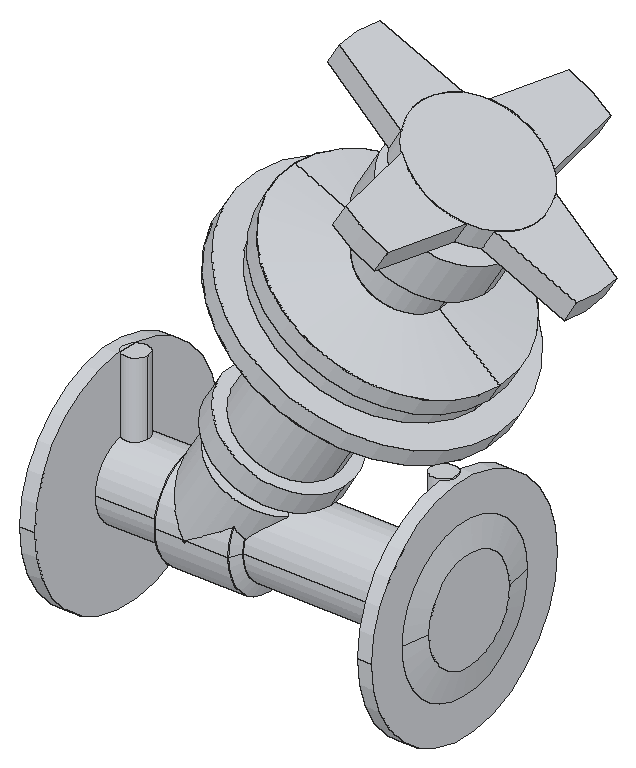
Revit family "224_DN065_20-70_RFA_2019", category Pipe Accessories, Revit 2019
Family settings
  Round Connector Dimension = Use Diameter
  Part Type = Valve - Breaks Into
  Work Plane-Based = No
  Always vertical = Yes
  Cut with Voids When Loaded = No
  Shared = No
Parameters (values of type "224_DN065_(20-70)")
  magiProductId = "bd269db4002540fe9b2a41f205afd7"
  magiProductFamilyId = "cb96b53648234cefb8c956722b95ac"
  magiPartTypeId = 304
  isMeasuringValve [instance] = no
  ang2D [instance] = 0.00°
  Z8 = 22.974 mm
  Z7 = 7.658 mm
  Z6 = 95.726 mm
  Z4 = 38.29 mm
  Z3 = 15.316 mm
  Z2 = 19.145 mm
  Z1 = 57.436 mm
  Y9 = 112.022 mm
  Y8 = 43.927 mm
  X9 = 19.752 mm
  X8 = 30.758 mm
  X5 = 139.89 mm
  X4 = 59.15 mm
  X1 = 11.6 mm
  W2D = 100 mm
  VersionID = "2.0/2018.4.11.4/ZETKAMA_224_001"
  Use Minimum Symbol Size [instance] = yes
  URL = "www.hydronic.cz"
  Type Comments = "přírubový ventil, PN16; -10~+120°C; dpmin=1,5xdpnast;"
  R8 = 53.625 mm
  R7 = 35.75 mm
  R6 = 96.688 mm
  R5 = 92.5 mm
  R4 = 113.75 mm
  R3 = 33.8 mm
  R2 = 63 mm
  R12 = 42.75 mm
  R10 = 40.5 mm
  QmdConnectorList = "301;D;302;D"
  Productdata [instance] = ""
  Manufacturer = "Hydronic Systems Prague s.r.o."
  Maintenance Zone Under Depth [instance] = 385 mm
  Maintenance Zone Right Depth [instance] = 290 mm
  Maintenance Zone Over Depth [instance] = 385 mm
  Maintenance Zone Left Depth [instance] = 290 mm
  Maintenance Zone Front Depth [instance] = 273 mm
  Maintenance Zone Back Depth [instance] = 273 mm
  Maintenance Zone Front Visibility [instance] = no
  MC Product Code = "224 065 3 (DN65; dpnast 20-70kPa; dpmax=300kPa; kvs=48,4kPa)"
  MC Piping Given Pressure Drop [instance] = 0.0 Pa
  LT2 = 145 mm
  L3 = 51.76 mm
  L2D_Min = 3048 mm
  L2D = 350 mm
  H5 = 60 mm
  FDT2 = 92.5 mm
  Description = "Regulátor diferenčního tlaku přírubový"
  DT21 = 32.5 mm
  DT2 = 32.5 mm
  D6 = 52.812 mm
  D5 = 42.25 mm
  D = 65 mm
  Clearance Zone Height Depth [instance] = 385 mm
  Clearance Zone Circular Radius [instance] = 290 mm
  Clearance Zone Visibility [instance] = no
  CAT0 = yes
  ARC2 = 1.728 mm
  ARC1 = 9.698 mm
  ANG = 32.00°
  A2 = 26.893 mm
  A1 = 43.038 mm
Types (10, lengths in mm): name | magiProductId | Z8 | Z7 | Z6 | Z4 | Z3 | Z2 | Z1 | X5 | X4 | X1 | R5 | R3 | R2 | R10 | Maintenance Zone Under Depth | Maintenance Zone Right Depth | Maintenance Zone Over Depth | Maintenance Zone Left Depth | MC Product Code | LT2 | L3 | H5 | FDT2 | DT21 | DT2 | D6 | D5 | D | Clearance Zone Height Depth | Clearance Zone Circular Radius | A2 | A1
  224_DN100_(40-160) | "71f9e553003c40d991c5e352e67284" | 24.389 | 8.13 | 101.622 | 40.649 | 16.26 | 20.324 | 60.973 | 152.2 | 91 | 14 | 110 | 52 | 80.5 | 58 | 405 | 350 | 405 | 350 | "224 100 7 (DN100; dpnast 40-160kPa; dpmax=250kPa; kvs=110,0kPa)" | 175 | 62.8 | 60 | 110 | 50 | 50 | 81.25 | 65 | 100 | 405 | 350 | 32.458 | 51.943
  224_DN100_(20-70) | "5e4de33176c64976a9c157b39996ce" | 24.389 | 8.13 | 101.622 | 40.649 | 16.26 | 20.324 | 60.973 | 152.2 | 91 | 14 | 110 | 52 | 80.5 | 58 | 405 | 350 | 405 | 350 | "224 100 3 (DN100; dpnast 20-70kPa; dpmax=250kPa; kvs=110,0kPa)" | 175 | 62.8 | 60 | 110 | 50 | 50 | 81.25 | 65 | 100 | 405 | 350 | 32.458 | 51.943
  224_DN125_(40-160) | "9beb69b667494b6ab1f54942078ae6" | 25.804 | 8.601 | 107.518 | 43.007 | 17.203 | 21.504 | 64.511 | 166.25 | 113.75 | 16 | 125 | 65 | 95.5 | 71 | 425 | 400 | 425 | 400 | "224 125 7 (DN125; dpnast 40-160kPa; dpmax=250kPa; kvs=169,0kPa)" | 200 | 72 | 62.5 | 125 | 62.5 | 62.5 | 101.562 | 81.25 | 125 | 425 | 400 | 37.094 | 59.363
  224_DN125_(20-70) | "2c85edc695ca465cb63b6911085491" | 25.804 | 8.601 | 107.518 | 43.007 | 17.203 | 21.504 | 64.511 | 166.25 | 113.75 | 16 | 125 | 65 | 95.5 | 71 | 425 | 400 | 425 | 400 | "224 125 3 (DN125; dpnast 20-70kPa; dpmax=250kPa; kvs=169,0kPa)" | 200 | 72 | 62.5 | 125 | 62.5 | 62.5 | 101.562 | 81.25 | 125 | 425 | 400 | 37.094 | 59.363
  224_DN150_(40-160) | "96017eba5eec4de2abe05c4d8dc7d1" | 26.866 | 8.955 | 89.552 | 44.776 | 17.91 | 22.388 | 89.552 | 223.38 | 115.5 | 19.2 | 142.5 | 70.2 | 108.5 | 84 | 440 | 480 | 440 | 480 | "224 150 7 (DN150; dpnast 40-160kPa; dpmax=250kPa; kvs=200,0kPa)" | 240 | 86.72 | 67.5 | 142.5 | 67.5 | 75 | 90.75 | 82.5 | 150 | 440 | 480 | 44.513 | 71.236
  224_DN150_(20-70) | "2dcf3707ec5549d494f72875a03dce" | 26.866 | 8.955 | 89.552 | 44.776 | 17.91 | 22.388 | 89.552 | 223.38 | 115.5 | 19.2 | 142.5 | 70.2 | 108.5 | 84 | 440 | 480 | 440 | 480 | "224 150 3 (DN150; dpnast 20-70kPa; dpmax=250kPa; kvs=200,0kPa)" | 240 | 86.72 | 67.5 | 142.5 | 67.5 | 75 | 90.75 | 82.5 | 150 | 440 | 480 | 44.513 | 71.236
  224_DN065_(40-160) | "7a3227ed888c4b0d8669ae9eb0085d" | 22.974 | 7.658 | 95.726 | 38.29 | 15.316 | 19.145 | 57.436 | 139.89 | 59.15 | 11.6 | 92.5 | 33.8 | 63 | 40.5 | 385 | 290 | 385 | 290 | "224 065 7 (DN65; dpnast 40-160kPa; dpmax=300kPa; kvs=48,4kPa)" | 145 | 51.76 | 60 | 92.5 | 32.5 | 32.5 | 52.812 | 42.25 | 65 | 385 | 290 | 26.893 | 43.038
  224_DN065_(20-70) | "bd269db4002540fe9b2a41f205afd7" | 22.974 | 7.658 | 95.726 | 38.29 | 15.316 | 19.145 | 57.436 | 139.89 | 59.15 | 11.6 | 92.5 | 33.8 | 63 | 40.5 | 385 | 290 | 385 | 290 | "224 065 3 (DN65; dpnast 20-70kPa; dpmax=300kPa; kvs=48,4kPa)" | 145 | 51.76 | 60 | 92.5 | 32.5 | 32.5 | 52.812 | 42.25 | 65 | 385 | 290 | 26.893 | 43.038
  224_DN080_(40-160) | "20b45c03d3cb49e9a44f946d5e2c2d" | 23.328 | 7.776 | 97.2 | 38.88 | 15.552 | 19.44 | 58.32 | 140.96 | 72.8 | 12.4 | 100 | 41.6 | 70.5 | 48 | 390 | 310 | 390 | 310 | "224 080 7 (DN80; dpnast 40-160kPa; dpmax=300kPa; kvs=74,5kPa)" | 155 | 55.44 | 60 | 100 | 40 | 40 | 65 | 52 | 80 | 390 | 310 | 28.748 | 46.007
  224_DN080_(20-70) | "2f63645f7c5342ecbadd0051fa47f2" | 23.328 | 7.776 | 97.2 | 38.88 | 15.552 | 19.44 | 58.32 | 140.96 | 72.8 | 12.4 | 100 | 41.6 | 70.5 | 48 | 390 | 310 | 390 | 310 | "224 080 3 (DN80; dpnast 20-70kPa; dpmax=300kPa; kvs=74,5kPa)" | 155 | 55.44 | 60 | 100 | 40 | 40 | 65 | 52 | 80 | 390 | 310 | 28.748 | 46.007
Reference planes
  plane 1 "Center (Front/Back)": y = 0
  plane 2 "XYPLANE": z = 0
  plane 3 "Center (Left/Right)": x = 0
  plane 4 "274": z = -385
  plane 5 "273": z = 385
  plane 6 "272": x = -290
  plane 7 "271": x = 290
  plane 8 "270": y = 273
  plane 9 "269": y = -273
  plane 10 "202": x = 124.4
  plane 11 "201": z = 32.5
  plane 12 "199": x = -122.4
  plane 13 "196": x = -10.49
  plane 14 "195": x = -14.49
  plane 15 "186": x = -73.64
  plane 16 "185": x = -77.64
  plane 17 "157": through (-528.542, 0, 569.466) normal (0.5299, 0, 0.848)
  plane 18 "123": y = -19.752
  plane 19 "122": y = -30.758
  plane 20 "120": y = 19.752
  plane 21 "119": y = 30.758
  plane 22 "118": through (265.941, 0, 718.206) normal (0.848, 0, -0.5299)
  plane 23 "117": through (398.193, 0, 635.565) normal (0.848, 0, -0.5299)
  plane 24 "116": through (455.941, 0, 599.48) normal (0.848, 0, -0.5299)
  plane 25 "115": through (323.689, 0, 682.121) normal (0.848, 0, -0.5299)
  plane 26 "113": y = -43.927
  plane 27 "112": y = -112.022
  plane 28 "110": through (387.025, 0, 642.544) normal (0.848, 0, -0.5299)
  plane 29 "108": through (344.19, 0, 669.31) normal (0.848, 0, -0.5299)
  plane 30 "107": through (334.856, 0, 675.142) normal (0.848, 0, -0.5299)
  plane 31 "106": through (377.692, 0, 648.376) normal (0.848, 0, -0.5299)
  plane 32 "105": y = 112.022
  plane 33 "104": y = 43.927
  plane 34 "99": through (-457.524, 0, 683.118) normal (0.5299, 0, 0.848)
  plane 35 "96": through (-467.67, 0, 666.882) normal (0.5299, 0, 0.848)
  plane 36 "91": through (-487.961, 0, 634.41) normal (0.5299, 0, 0.848)
  plane 37 "87": through (-508.251, 0, 601.938) normal (0.5299, 0, 0.848)
  plane 38 "84": through (-512.31, 0, 595.443) normal (0.5299, 0, 0.848)
  plane 39 "82": through (-520.426, 0, 582.454) normal (0.5299, 0, 0.848)
  plane 40 "75": through (-536.659, 0, 556.477) normal (0.5299, 0, 0.848)
  plane 41 "74": through (-548.833, 0, 536.993) normal (0.5299, 0, 0.848)
  plane 42 "41": through (-599.56, 0, 455.813) normal (0.5299, 0, 0.848)
  plane 43 "37": through (-609.706, 0, 439.577) normal (0.5299, 0, 0.848)
  plane 44 "34": through (-619.851, 0, 423.341) normal (0.5299, 0, 0.848)
  plane 45 "30": through (-650.287, 0, 374.633) normal (0.5299, 0, 0.848)
  plane 46 "28": y = 0
  plane 47 "27": through (360.941, 0, 658.843) normal (0.848, 0, -0.5299)
  plane 48 "24": x = 141
  plane 49 "23": x = 129.4
  plane 50 "15": x = -129.4
  plane 51 "11": x = -141
  plane 52 "6": x = 145
  plane 53 "5": x = -145
  plane 54 "3": z = 0
  plane 55 "2": y = 0
  plane 56 "1": x = 0
  plane 57 "25XY": through (-636.036, 0, 397.439) normal (0.5299, 0, 0.848)
  plane 58 "25XZ": y = 0
  plane 59 "25YZ": through (397.439, 0, 636.036) normal (0.848, 0, -0.5299)
Forms (mm)
  Blend 1, solid, visible <- "CAT0"
    base sketch origin (-548.833, 0, 536.993) x (0.848048, 0, -0.529919) y (0, 1, 0)
      loop
        circle (706.962, 0) r 42.75
    top sketch origin (-548.833, 0, 536.993) x (0.848048, 0, -0.529919) y (0, 1, 0)
      loop
        circle (706.962, 0) r 113.75
    from 0 to 22.974
  Blend 2, solid, visible <- "Maintenance Zone Front Visibility"
    base sketch origin (-750, 0, 385) x (1, 0, 0) y (0, 1, 0)
      loop
        line (460, 273) -> (460, -273) -> (1040, -273) -> (1040, 273) -> (460, 273)
    top sketch origin (-750, 0, 385) x (1, 0, 0) y (0, 1, 0)
      loop
        line (460, 273) -> (460, -273) -> (1040, -273) -> (1040, 273) -> (460, 273)
    from 0 to -770
  Extrusion 3, solid, visible <- "Clearance Zone Visibility"
    sketch origin (-750, 0, 0) x (1, 0, 0) y (0, 1, 0)
      loop
        circle (750, 0) r 290
    from 0 to 385 <- "Clearance Zone Height Depth"
  Extrusion 4, solid, visible <- "CAT0"
    sketch origin (-599.56, 0, 455.813) x (0.848048, 0, -0.529919) y (0, 1, 0)
      loop
        circle (706.962, 0) r 42.75
    from 0 to 95.726 <- "Z6"
  Extrusion 5, solid
    sketch origin (-750, 0, 32.5) x (1, 0, 0) y (0, 1, 0)
      loop
        circle (874.4, 0) r 10
    from 0 to 60 <- "H5"
  Extrusion 6, solid
    sketch origin (-750, 0, 32.5) x (1, 0, 0) y (0, 1, 0)
      loop
        circle (627.6, 0) r 10
    from 0 to 60 <- "H5"
  Extrusion 7, solid
    sketch origin (-10.49, -750, 0) x (0, 1, 0) y (0, 0, 1)
      loop
        circle (750, 0) r 32.5
    from 0 to 139.89 <- "X5"
  Blend 8, solid
    base sketch origin (-10.49, -750, 0) x (0, 1, 0) y (0, 0, 1)
      loop
        circle (750, 0) r 32.5
    top sketch origin (-10.49, -750, 0) x (0, 1, 0) y (0, 0, 1)
      loop
        circle (750, 0) r 42.25
    from 0 to -4
  Extrusion 9, solid
    sketch origin (-73.64, -750, 0) x (0, 1, 0) y (0, 0, 1)
      loop
        circle (750, 0) r 42.25
    from 0 to 59.15 <- "X4"
  Blend 10, solid
    base sketch origin (-77.64, -750, 0) x (0, 1, 0) y (0, 0, 1)
      loop
        circle (750, 0) r 32.5
    top sketch origin (-77.64, -750, 0) x (0, 1, 0) y (0, 0, 1)
      loop
        circle (750, 0) r 42.25
    from 0 to 4
  Extrusion 11, solid
    sketch origin (-650.287, 0, 374.633) x (0.848048, 0, -0.529919) y (0, 1, 0)
      loop
        circle (706.962, 0) r 42.25
    from 0 to 57.436 <- "Z1"
  Extrusion 12, solid
    sketch origin (-536.659, 0, 556.477) x (0.848048, 0, -0.529919) y (0, 1, 0)
      loop
        circle (706.962, 0) r 113.75
    from 0 to 15.316 <- "Z3"
  Extrusion 13, solid
    sketch origin (-457.524, 0, 683.118) x (0.848048, 0, -0.529919) y (0, 1, 0)
      loop
        line (750.889, -30.758) -> (818.983, -19.752)
        arc (818.983, -19.752) -> (820.712, 0) -> (818.983, 19.752) r 113.75
        line (818.983, 19.752) -> (750.889, 30.758)
        arc (750.889, 30.758) -> (760.587, 0) -> (750.889, -30.758) r 53.625
    from 0 to 19.145 <- "Z2"
  Extrusion 14, solid
    sketch origin (-457.524, 0, 683.118) x (0.848048, 0, -0.529919) y (0, 1, 0)
      loop
        line (663.035, 30.758) -> (594.94, 19.752)
        arc (594.94, 19.752) -> (593.212, 0) -> (594.94, -19.752) r 113.75
        line (594.94, -19.752) -> (663.035, -30.758)
        arc (663.035, -30.758) -> (653.337, 0) -> (663.035, 30.758) r 53.625
    from 0 to 19.145 <- "Z2"
  Extrusion 15, solid
    sketch origin (-457.524, 0, 683.118) x (0.848048, 0, -0.529919) y (0, 1, 0)
      loop
        line (676.204, -43.927) -> (687.209, -112.022)
        arc (687.209, -112.022) -> (706.962, -113.75) -> (726.714, -112.022) r 113.75
        line (726.714, -112.022) -> (737.72, -43.927)
        arc (737.72, -43.927) -> (706.962, -53.625) -> (676.204, -43.927) r 53.625
    from 0 to 19.145 <- "Z2"
  Extrusion 16, solid
    sketch origin (-457.524, 0, 683.118) x (0.848048, 0, -0.529919) y (0, 1, 0)
      loop
        line (737.72, 43.927) -> (726.714, 112.022)
        arc (726.714, 112.022) -> (706.962, 113.75) -> (687.209, 112.022) r 113.75
        line (687.209, 112.022) -> (676.204, 43.927)
        arc (676.204, 43.927) -> (706.962, 53.625) -> (737.72, 43.927) r 53.625
    from 0 to 19.145 <- "Z2"
  Extrusion 17, solid
    sketch origin (-457.524, 0, 683.118) x (0.848048, 0, -0.529919) y (0, 1, 0)
      loop
        circle (706.962, 0) r 53.625
    from 0 to 19.145 <- "Z2"
  Extrusion 18, solid
    sketch origin (-467.67, 0, 666.882) x (0.848048, 0, -0.529919) y (0, 1, 0)
      loop
        circle (706.962, 0) r 35.75
    from 0 to 19.145 <- "Z2"
  Extrusion 19, solid
    sketch origin (-487.961, 0, 634.41) x (0.848048, 0, -0.529919) y (0, 1, 0)
      loop
        circle (706.962, 0) r 53.625
    from 0 to 38.29 <- "Z4"
  Extrusion 20, solid
    sketch origin (-508.251, 0, 601.938) x (0.848048, 0, -0.529919) y (0, 1, 0)
      loop
        circle (706.962, 0) r 35.75
    from 0 to 38.29 <- "Z4"
  Blend 21, solid
    base sketch origin (-512.31, 0, 595.443) x (0.848048, 0, -0.529919) y (0, 1, 0)
      loop
        circle (706.962, 0) r 96.688
    top sketch origin (-512.31, 0, 595.443) x (0.848048, 0, -0.529919) y (0, 1, 0)
      loop
        circle (706.962, 0) r 35.75
    from 0 to 7.658
  Extrusion 22, solid
    sketch origin (-520.426, 0, 582.454) x (0.848048, 0, -0.529919) y (0, 1, 0)
      loop
        circle (706.962, 0) r 96.688
    from 0 to 15.316 <- "Z3"
  Extrusion 23, solid
    sketch origin (-528.542, 0, 569.466) x (0.848048, 0, -0.529919) y (0, 1, 0)
      loop
        circle (706.962, 0) r 92.5
    from 0 to 15.316 <- "Z3"
  Extrusion 24, solid
    sketch origin (-609.706, 0, 439.577) x (0.848048, 0, -0.529919) y (0, 1, 0)
      loop
        circle (706.962, 0) r 52.812
    from 0 to 19.145 <- "Z2"
  Extrusion 25, solid
    sketch origin (-619.851, 0, 423.341) x (0.848048, 0, -0.529919) y (0, 1, 0)
      loop
        circle (706.962, 0) r 33.8
    from 0 to 19.145 <- "Z2"
  Blend 26, solid
    base sketch origin (141, -750, 0) x (0, 1, 0) y (0, 0, 1)
      loop
        circle (750, 0) r 63
    top sketch origin (141, -750, 0) x (0, 1, 0) y (0, 0, 1)
      loop
        circle (750, 0) r 40.5
    from 0 to 4
  Extrusion 27, solid
    sketch origin (129.4, -750, 0) x (0, 1, 0) y (0, 0, 1)
      loop
        circle (750, 0) r 92.5
    from 0 to 11.6 <- "X1"
  Extrusion 28, solid
    sketch origin (-129.4, -750, 0) x (0, 1, 0) y (0, 0, 1)
      loop
        circle (750, 0) r 32.5
    from 0 to 51.76 <- "L3"
  Extrusion 29, solid
    sketch origin (-141, -750, 0) x (0, 1, 0) y (0, 0, 1)
      loop
        circle (750, 0) r 92.5
    from 0 to 11.6 <- "X1"
  Blend 30, solid
    base sketch origin (-145, -750, 0) x (0, 1, 0) y (0, 0, 1)
      loop
        circle (750, 0) r 40.5
    top sketch origin (-145, -750, 0) x (0, 1, 0) y (0, 0, 1)
      loop
        circle (750, 0) r 63
    from 0 to 4
  Extrusion 31, solid, not visible
    sketch origin (145, -750, 0) x (0, 1, 0) y (0, 0, 1)
      loop
        circle (750, 0) r 10
    from 0 to -10
  Extrusion 32, solid, not visible
    sketch origin (-145, -750, 0) x (0, 1, 0) y (0, 0, 1)
      loop
        circle (750, 0) r 10
    from 0 to 10
Lines and regions (mm)
  reference lines, not visible
    curve 1: circle (-13.29, 2, 0) r 1 normal (0, 0, 1)
  reference lines
    curve 2: line (179.265, -30.758, 285.208) -> (179.265, 30.758, 285.208)
    curve 3: line (237.013, 19.752, 249.123) -> (237.013, -19.752, 249.123)
    curve 4: line (104.761, 30.758, 331.763) -> (104.761, -30.758, 331.763)
    curve 5: line (47.013, -19.752, 367.848) -> (47.013, 19.752, 367.848)
    curve 6: line (115.929, -43.927, 324.785) -> (168.097, -43.927, 292.186)
    curve 7: line (158.764, -112.022, 298.018) -> (125.262, -112.022, 318.953)
    curve 8: line (168.097, 43.927, 292.186) -> (115.929, 43.927, 324.785)
    curve 9: line (125.262, 112.022, 318.953) -> (158.764, 112.022, 298.018)
Dimensions and locks
  plane 1 "Center (Front/Back)" to curve 1 = 2 mm
  "Maintenance Zone Under Depth": plane 2 "XYPLANE" to plane 4 "274"
  "Maintenance Zone Over Depth": plane 2 "XYPLANE" to plane 5 "273"
  "Maintenance Zone Left Depth": plane 3 "Center (Left/Right)" to plane 6 "272"
  "Maintenance Zone Right Depth": plane 3 "Center (Left/Right)" to plane 7 "271"
  "Maintenance Zone Back Depth": plane 1 "Center (Front/Back)" to plane 8 "270"
  "Maintenance Zone Front Depth": plane 1 "Center (Front/Back)" to plane 9 "269"
  locked: plane 49 "23" to plane 10 "202" at 5
  "DT2": plane 2 "XYPLANE" to plane 11 "201"
  locked: plane 50 "15" to plane 12 "199" at 7
  locked: plane 14 "195" to plane 13 "196" at 4
  "X4": plane 15 "186" to plane 14 "195"
  locked: plane 16 "185" to plane 15 "186" at 4
  "L3": plane 50 "15" to plane 16 "185"
  "Z3": plane 40 "75" to plane 17 "157"
  "X9": plane 55 "2" to plane 18 "123"
  "X8": plane 55 "2" to plane 19 "122"
  "X9": plane 55 "2" to plane 20 "120"
  "X8": plane 55 "2" to plane 21 "119"
  "Y9": plane 47 "27" to plane 22 "118"
  "Y8": plane 47 "27" to plane 23 "117"
  "Y9": plane 47 "27" to plane 24 "116"
  "Y8": plane 47 "27" to plane 25 "115"
  "Y8": plane 55 "2" to plane 26 "113"
  "Y9": plane 55 "2" to plane 27 "112"
  "X8": plane 47 "27" to plane 28 "110"
  "X9": plane 47 "27" to plane 29 "108"
  "X8": plane 47 "27" to plane 30 "107"
  "X9": plane 47 "27" to plane 31 "106"
  "Y9": plane 55 "2" to plane 32 "105"
  "Y8": plane 55 "2" to plane 33 "104"
  "Z2": plane 35 "96" to plane 34 "99"
  "Z4": plane 36 "91" to plane 35 "96"
  "Z4": plane 37 "87" to plane 36 "91"
  "Z7": plane 38 "84" to plane 37 "87"
  "Z3": plane 39 "82" to plane 38 "84"
  "Z3": plane 17 "157" to plane 39 "82"
  "Z8": plane 41 "74" to plane 40 "75"
  "Z6": plane 42 "41" to plane 41 "74"
  "Z2": plane 43 "37" to plane 42 "41"
  "Z2": plane 44 "34" to plane 43 "37"
  "Z1": plane 45 "30" to plane 44 "34"
  "A2": plane 57 "25XY" to plane 45 "30"
  locked: plane 55 "2" to plane 46 "28"
  "A1": plane 59 "25YZ" to plane 47 "27"
  "X1": plane 49 "23" to plane 48 "24"
  "X5": plane 13 "196" to plane 49 "23"
  "X1": plane 51 "11" to plane 50 "15"
  locked: plane 53 "5" to plane 51 "11" at 4
  "LT2": plane 3 "Center (Left/Right)" to plane 52 "6"
  "LT2": plane 3 "Center (Left/Right)" to plane 53 "5"
  locked: plane 2 "XYPLANE" to plane 54 "3"
  locked: plane 1 "Center (Front/Back)" to plane 55 "2"
  locked: plane 3 "Center (Left/Right)" to plane 56 "1"
  Blend 2 sketch curve to Blend 2 sketch curve = 0 mm  (x16)
  "ARC1": curve 2 to Extrusion 13 sketch curve
  "ARC2": curve 3 to Extrusion 13 sketch curve
  Extrusion 13 sketch curve to Extrusion 13 sketch curve = 0 mm  (x8)
  "ARC1": curve 4 to Extrusion 14 sketch curve
  "ARC2": curve 5 to Extrusion 14 sketch curve
  Extrusion 14 sketch curve to Extrusion 14 sketch curve = 0 mm  (x8)
  "ARC1": curve 6 to Extrusion 15 sketch curve
  "ARC2": curve 7 to Extrusion 15 sketch curve
  Extrusion 15 sketch curve to Extrusion 15 sketch curve = 0 mm  (x8)
  "ARC1": curve 8 to Extrusion 16 sketch curve
  "ARC2": curve 9 to Extrusion 16 sketch curve
  Extrusion 16 sketch curve to Extrusion 16 sketch curve = 0 mm  (x8)
  "R4": radius of Blend 1 sketch curve
  "R12": radius of Blend 1 sketch curve
  "Clearance Zone Circular Radius": radius of Extrusion 3 sketch curve
  "R12": radius of Extrusion 4 sketch curve
  "DT21": radius of Extrusion 7 sketch curve
  "D5": radius of Blend 8 sketch curve
  "DT21": radius of Blend 8 sketch curve
  "D5": radius of Extrusion 9 sketch curve
  "D5": radius of Blend 10 sketch curve
  "DT21": radius of Blend 10 sketch curve
  "D5": radius of Extrusion 11 sketch curve
  "R4": radius of Extrusion 12 sketch curve
  "R8": radius of Extrusion 17 sketch curve
  "R7": radius of Extrusion 18 sketch curve
  "R8": radius of Extrusion 19 sketch curve
  "R7": radius of Extrusion 20 sketch curve
  "R7": radius of Blend 21 sketch curve
  "R6": radius of Blend 21 sketch curve
  "R6": radius of Extrusion 22 sketch curve
  "R5": radius of Extrusion 23 sketch curve
  "D6": radius of Extrusion 24 sketch curve
  "R3": radius of Extrusion 25 sketch curve
  "R10": radius of Blend 26 sketch curve
  "R2": radius of Blend 26 sketch curve
  "FDT2": radius of Extrusion 27 sketch curve
  "DT21": radius of Extrusion 28 sketch curve
  "FDT2": radius of Extrusion 29 sketch curve
  "R2": radius of Blend 30 sketch curve
  "R10": radius of Blend 30 sketch curve
  aligned and locked: level to plane 2 "XYPLANE"
  aligned and locked: plane 46 "28" to Blend 1 sketch curve  (x2)
  aligned and locked: Blend 1 sketch curve to plane 47 "27"  (x2)
  aligned and locked: plane 40 "75" to Blend 1
  aligned and locked: Blend 2 sketch curve to plane 6 "272"  (x2)
  aligned and locked: plane 8 "270" to Blend 2 sketch curve  (x4)
  aligned and locked: plane 9 "269" to Blend 2 sketch curve  (x4)
  aligned and locked: plane 6 "272" to Blend 2 sketch curve  (x2)
  aligned and locked: plane 7 "271" to Blend 2 sketch curve  (x4)
  aligned and locked: Blend 2 to plane 4 "274"
  aligned and locked: plane 55 "2" to Extrusion 3 sketch curve
  aligned and locked: plane 56 "1" to Extrusion 3 sketch curve
  aligned and locked: plane 46 "28" to Extrusion 4 sketch curve
  aligned and locked: Extrusion 4 sketch curve to plane 47 "27"
  aligned and locked: plane 10 "202" to Extrusion 5 sketch curve
  aligned and locked: plane 55 "2" to Extrusion 5 sketch curve
  aligned and locked: plane 12 "199" to Extrusion 6 sketch curve
  aligned and locked: plane 55 "2" to Extrusion 6 sketch curve
  aligned and locked: plane 54 "3" to Extrusion 7 sketch curve
  aligned and locked: Extrusion 7 sketch curve to plane 55 "2"
  aligned and locked: plane 54 "3" to Blend 8 sketch curve  (x2)
  aligned and locked: Blend 8 sketch curve to plane 55 "2"  (x2)
  aligned and locked: Blend 8 to plane 14 "195"
  aligned and locked: plane 54 "3" to Extrusion 9 sketch curve
  aligned and locked: Extrusion 9 sketch curve to plane 55 "2"
  aligned and locked: plane 54 "3" to Blend 10 sketch curve  (x2)
  aligned and locked: Blend 10 sketch curve to plane 55 "2"  (x2)
  aligned and locked: plane 15 "186" to Blend 10
  aligned and locked: plane 46 "28" to Extrusion 11 sketch curve
  aligned and locked: Extrusion 11 sketch curve to plane 47 "27"
  aligned and locked: plane 46 "28" to Extrusion 12 sketch curve
  aligned and locked: Extrusion 12 sketch curve to plane 47 "27"
  aligned and locked: curve 2 to plane 23 "117"
  aligned and locked: plane 19 "122" to curve 2
  aligned and locked: plane 21 "119" to curve 2
  aligned and locked: plane 21 "119" to Extrusion 13 sketch curve
  aligned and locked: plane 23 "117" to Extrusion 13 sketch curve
  aligned and locked: plane 20 "120" to Extrusion 13 sketch curve
  aligned and locked: plane 24 "116" to Extrusion 13 sketch curve
  aligned and locked: curve 3 to plane 24 "116"
  aligned and locked: plane 20 "120" to curve 3
  aligned and locked: plane 18 "123" to curve 3
  aligned and locked: plane 18 "123" to Extrusion 13 sketch curve
  aligned and locked: Extrusion 13 sketch curve to plane 24 "116"
  aligned and locked: plane 19 "122" to Extrusion 13 sketch curve
  aligned and locked: Extrusion 13 sketch curve to plane 23 "117"
  aligned and locked: curve 4 to plane 25 "115"
  aligned and locked: plane 21 "119" to curve 4
  aligned and locked: plane 19 "122" to curve 4
  aligned and locked: plane 19 "122" to Extrusion 14 sketch curve
  aligned and locked: Extrusion 14 sketch curve to plane 25 "115"
  aligned and locked: plane 18 "123" to Extrusion 14 sketch curve
  aligned and locked: Extrusion 14 sketch curve to plane 22 "118"
  aligned and locked: curve 5 to plane 22 "118"
  aligned and locked: plane 18 "123" to curve 5
  aligned and locked: plane 20 "120" to curve 5
  aligned and locked: plane 20 "120" to Extrusion 14 sketch curve
  aligned and locked: plane 22 "118" to Extrusion 14 sketch curve
  aligned and locked: plane 21 "119" to Extrusion 14 sketch curve
  aligned and locked: plane 25 "115" to Extrusion 14 sketch curve
  aligned and locked: curve 6 to plane 26 "113"
  aligned and locked: curve 6 to plane 30 "107"
  aligned and locked: curve 6 to plane 28 "110"
  aligned and locked: plane 26 "113" to Extrusion 15 sketch curve  (x2)
  aligned and locked: Extrusion 15 sketch curve to plane 28 "110"
  aligned and locked: plane 27 "112" to Extrusion 15 sketch curve  (x2)
  aligned and locked: Extrusion 15 sketch curve to plane 31 "106"
  aligned and locked: plane 27 "112" to curve 7
  aligned and locked: curve 7 to plane 31 "106"
  aligned and locked: curve 7 to plane 29 "108"
  aligned and locked: Extrusion 15 sketch curve to plane 29 "108"
  aligned and locked: Extrusion 15 sketch curve to plane 30 "107"
  aligned and locked: plane 33 "104" to curve 8
  aligned and locked: plane 28 "110" to curve 8
  aligned and locked: plane 30 "107" to curve 8
  aligned and locked: plane 30 "107" to Extrusion 16 sketch curve
  aligned and locked: plane 33 "104" to Extrusion 16 sketch curve  (x2)
  aligned and locked: plane 29 "108" to Extrusion 16 sketch curve
  aligned and locked: plane 32 "105" to Extrusion 16 sketch curve  (x2)
  aligned and locked: curve 9 to plane 32 "105"
  aligned and locked: plane 29 "108" to curve 9
  aligned and locked: plane 31 "106" to curve 9
  aligned and locked: plane 31 "106" to Extrusion 16 sketch curve
  aligned and locked: plane 28 "110" to Extrusion 16 sketch curve
  aligned and locked: plane 46 "28" to Extrusion 17 sketch curve
  aligned and locked: Extrusion 17 sketch curve to plane 47 "27"
  aligned and locked: plane 46 "28" to Extrusion 18 sketch curve
  aligned and locked: Extrusion 18 sketch curve to plane 47 "27"
  aligned and locked: plane 46 "28" to Extrusion 19 sketch curve
  aligned and locked: Extrusion 19 sketch curve to plane 47 "27"
  aligned and locked: plane 46 "28" to Extrusion 20 sketch curve
  aligned and locked: Extrusion 20 sketch curve to plane 47 "27"
  aligned and locked: plane 46 "28" to Blend 21 sketch curve  (x2)
  aligned and locked: Blend 21 sketch curve to plane 47 "27"  (x2)
  aligned and locked: plane 37 "87" to Blend 21
  aligned and locked: plane 46 "28" to Extrusion 22 sketch curve
  aligned and locked: Extrusion 22 sketch curve to plane 47 "27"
  aligned and locked: plane 46 "28" to Extrusion 23 sketch curve
  aligned and locked: Extrusion 23 sketch curve to plane 47 "27"
  aligned and locked: plane 46 "28" to Extrusion 24 sketch curve
  aligned and locked: Extrusion 24 sketch curve to plane 47 "27"
  aligned and locked: plane 46 "28" to Extrusion 25 sketch curve
  aligned and locked: Extrusion 25 sketch curve to plane 47 "27"
  aligned and locked: plane 54 "3" to Blend 26 sketch curve  (x2)
  aligned and locked: Blend 26 sketch curve to plane 55 "2"  (x2)
  aligned and locked: plane 52 "6" to Blend 26
  aligned and locked: plane 54 "3" to Extrusion 27 sketch curve
  aligned and locked: Extrusion 27 sketch curve to plane 55 "2"
  aligned and locked: plane 54 "3" to Extrusion 28 sketch curve
  aligned and locked: Extrusion 28 sketch curve to plane 55 "2"
  aligned and locked: plane 54 "3" to Extrusion 29 sketch curve
  aligned and locked: Extrusion 29 sketch curve to plane 55 "2"
  aligned and locked: plane 54 "3" to Blend 30 sketch curve  (x2)
  aligned and locked: Blend 30 sketch curve to plane 55 "2"  (x2)
  aligned and locked: plane 51 "11" to Blend 30
  aligned and locked: plane 54 "3" to Extrusion 31 sketch curve
  aligned and locked: Extrusion 31 sketch curve to plane 55 "2"
  aligned and locked: plane 54 "3" to Extrusion 32 sketch curve
  aligned and locked: Extrusion 32 sketch curve to plane 55 "2"
Automatic sketch dimensions
  Extrusion 5 sketch curve to Extrusion 5 sketch curve = 10 mm
  Extrusion 6 sketch curve to plane 50 "15" = 3 mm
  plane 18 "123" to Extrusion 31 sketch curve = 9.752 mm
  plane 18 "123" to Extrusion 32 sketch curve = 9.752 mm
  plane 14 "195" to curve 1 = 1.2 mm
  radius of curve 1 = 1 mm
Connectors
  piping at (-145, 0, 0), diameter 65, driven by "D"
    settings: on Extrusion 32, index 1, connector inside diameter 609.6 mm, connector length 0 mm, flow factor 0, pipe flow 0.0 L/s, pressure drop 0.0 Pa, fitting loss kfactor 0, connector angle 0.00°, fixture units 0, engagement length 0 mm, angle of deflection 0.00°, flow configuration 0, flow direction 0, fitting loss method 0, system type 29, joint type 0, gender type 0, connector reference index 2, connector utility 0, adjustable connector no, is connector primary yes, connector description ""
  piping at (145, 0, 0), diameter 65, driven by "D"
    settings: on Extrusion 31, index 2, connector inside diameter 609.6 mm, connector length 0 mm, flow factor 0, pipe flow 0.0 L/s, pressure drop 0.0 Pa, fitting loss kfactor 0, connector angle 0.00°, fixture units 0, engagement length 0 mm, angle of deflection 0.00°, flow configuration 0, flow direction 0, fitting loss method 0, system type 29, joint type 0, gender type 0, connector reference index 1, connector utility 0, adjustable connector no, is connector primary no, connector description ""
